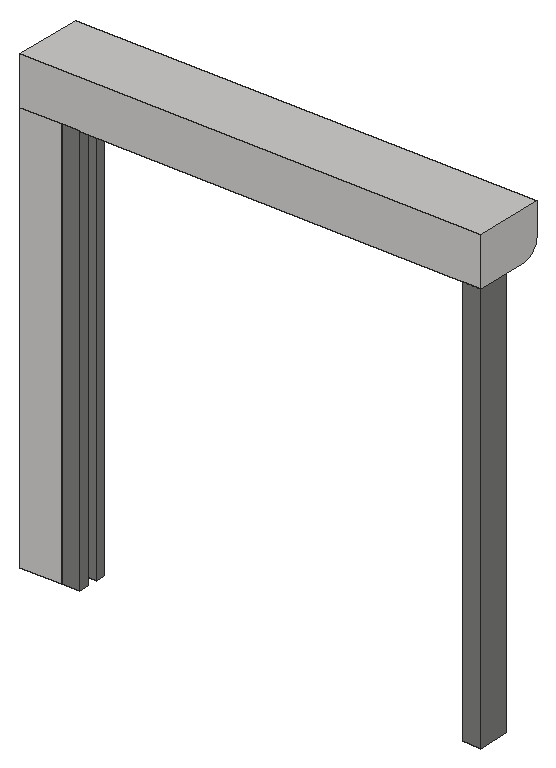
Revit family "AQ0031_Profil linteau réduit PRENIUM", category Portes, Revit 2024
Family settings
  Hôte = Mur
  Numéro OmniClass = 23.30.10.00
  Titre OmniClass = Doors
  Toujours verticalement = Oui
  Couper avec des vides une fois chargée = Non
  Partagée = Non
  Repère de localisation dans la pièce = Non
Parameters
  Profondeur_Montant_Industrie = 95 mm
  Position Ouvert [instance] = yes
  Position Fermée [instance] = not(Position Ouvert)  # no
  Ouverture Standard [instance] = yes
  Ouverture ContrePoids [instance] = not(Ouverture Standard)  # no
  Largeur_Montant_Industrie = 160 mm
  Hauteur_Volet = 251.5 mm
  Hauteur_Ouverture_Porte = 1300 mm
  Hauteur_Boite_Elec = 1000 mm
  Haut_Volet_Roulant = 301 mm
  Fonction = Intérieur
  Projection - Ext. de l'encadrement = 25 mm
  Projection Int. de l'encadrement = 25 mm
  Largeur du cadre = 75 mm
  Height [instance] = 2100.5 mm
  Fermeture du mur = Par hôte
  Width [instance] = 2000 mm
  Ebrasement = 20 mm
  Définir les propriétés thermiques par = Type schématique
  Dim_Boite_Elec_Largeur = 400 mm
  Dim_Boit_Elec_Longueur = 400 mm
  Decalage_Boite_Elec = 200 mm
  Construction analytique = "<Aucun>"
Reference planes
  plane 1: y = 0
  plane 2 "Centre (gauche/droite)": x = 0
  plane 3 "Gauche": x = -1000
  plane 4 "Droite": x = 1000
  plane 5: z = 2100.5
  plane 6 "Extérieur": y = 75
  plane 7 "Intérieur": y = -75
  plane 8: y = 235
  plane 9: x = -1095
  plane 10: y = 235
  plane 11: x = 1095
  plane 12: y = 155
  plane 13: y = 155
  plane 14: z = 2401.5
  plane 15: z = 2150
  plane 16: x = -1310
  plane 17: y = 155.5
Forms (mm)
  Extrusion 1, solid, material "Acier"
    sketch origin (0, 0, 0) x (1, 0, 0) y (0, 1, 0)
      loop
        line (1095, 235) -> (1000, 235) -> (1000, 185) -> (1078, 185) -> (1078, 125) -> (1000, 125) -> (1000, 75) -> (1095, 75) -> (1095, 235)
      loop
        line (-1000, 75) -> (-1000, 125) -> (-1078, 125) -> (-1078, 185) -> (-1000, 185) -> (-1000, 235) -> (-1095, 235) -> (-1095, 75) -> (-1000, 75)
    from 0 to 2150
  Extrusion 2, solid, material "Acier fin"
    sketch origin (0, 0, 0) x (0, 1, 0) y (0, 0, 1)
      loop
        line (330, 2150) -> (75, 2150) -> (75, 0) -> (235, 0) -> (235, 1872.5) -> (330, 2150)
    from -1310 to -1095
  Extrusion 3, solid, material "Bleu", visible <- "Position Fermée"
    sketch origin (0, 75, 0) x (1, 0, 0) y (0, 0, 1)
      loop
        line (1071.5, 2150) -> (-1071.5, 2150) -> (-1071.5, 0) -> (1071.5, 0) -> (1071.5, 2150)
      loop
        line (921.5, 1450) -> (75, 1450) -> (75, 1300) -> (921.5, 1300) -> (921.5, 1450)
      loop
        line (-75, 1450) -> (-921.5, 1450) -> (-921.5, 1300) -> (-75, 1300) -> (-75, 1450)
      loop
        line (921.5, 1750) -> (75, 1750) -> (75, 1600) -> (921.5, 1600) -> (921.5, 1750)
      loop
        line (-75, 1750) -> (-921.5, 1750) -> (-921.5, 1600) -> (-75, 1600) -> (-75, 1750)
    from -79.5 to -80.5
  Extrusion 4, solid, material "Noir", visible <- "Position Fermée"
    sketch origin (0, 0, 0) x (0, 1, 0) y (0, 0, 1)
      loop
        line (155.5, 0) -> (166, 0) -> (166, 232.5) -> (156.5, 251.17) -> (156.5, 270) -> (155.5, 270) -> (155.5, 0)
    from -1071.5 to 1071.5
  Extrusion 5, solid, material "Noir", visible <- "Position Fermée"
    sketch origin (0, 0, 250) x (0, 1, 0) y (0, 0, 1)
      loop
        line (155, 20) -> (156.5, 20) -> (156.5, 40) -> (166, 57.5) -> (166, 92.5) -> (156.5, 111.17) -> (156.5, 130) -> (155, 130) -> (155, 20)
    from -1071.5 to 1071.5
  Extrusion 6, solid, material "Noir", visible <- "Position Fermée"
    sketch origin (0, 0, 1090) x (0, 1, 0) y (0, 0, 1)
      loop
        line (155, 77) -> (156.5, 77) -> (156.5, 97) -> (166, 114.5) -> (166, 149.5) -> (156.5, 168.17) -> (156.5, 187) -> (155, 187) -> (155, 77)
    from -1071.5 to 1071.5
  Extrusion 7, solid, material "Noir", visible <- "Position Fermée"
    sketch origin (0, 0, 1389) x (0, 1, 0) y (0, 0, 1)
      loop
        line (155.5, 77) -> (156.5, 77) -> (156.5, 97) -> (166, 114.5) -> (166, 149.5) -> (156.5, 168.17) -> (156.5, 187) -> (155.5, 187) -> (155.5, 77)
    from -1071.5 to 1078
  Extrusion 8, solid, material "Noir", visible <- "Position Ouvert"
    sketch origin (0, 0, 2293) x (0, 1, 0) y (0, 0, 1)
      loop
        line (155.5, -192.5) -> (156.5, -192.5) -> (156.5, -172.5) -> (166, -155) -> (166, -120) -> (156.5, -101.33) -> (156.5, -82.5) -> (155.5, -82.5) -> (155.5, -192.5)
    from -1078 to 1078
  Extrusion 9, solid, material "Bleu", visible <- "Position Ouvert"
    sketch origin (0, 75, -2660) x (1, 0, 0) y (0, 0, 1)
      loop
        line (1071.5, 4810) -> (-1071.5, 4810) -> (-1071.5, 4760.5) -> (1071.5, 4760.5) -> (1071.5, 4810)
    from -79.5 to -80.5
  Extrusion 10, solid, material "Noir", visible <- "Position Fermée"
    sketch origin (0, 0, 550) x (0, 1, 0) y (0, 0, 1)
      loop
        line (155, 19) -> (156.5, 19) -> (156.5, 39) -> (166, 56.5) -> (166, 91.5) -> (156.5, 110.17) -> (156.5, 129) -> (155, 129) -> (155, 19)
    from -1078 to 1078
  Extrusion 11, solid, material "Noir", visible <- "Position Fermée"
    sketch origin (0, 0, 849) x (0, 1, 0) y (0, 0, 1)
      loop
        line (155, 19) -> (156.5, 19) -> (156.5, 39) -> (166, 56.5) -> (166, 91.5) -> (156.5, 110.17) -> (156.5, 129) -> (155, 129) -> (155, 19)
    from -1078 to 1078
  Extrusion 12, solid, material "Noir", visible <- "Position Fermée"
    sketch origin (0, 0, 1688) x (0, 1, 0) y (0, 0, 1)
      loop
        line (155.5, 77) -> (156.5, 77) -> (156.5, 97) -> (166, 114.5) -> (166, 149.5) -> (156.5, 168.17) -> (156.5, 187) -> (155.5, 187) -> (155.5, 77)
    from -1078 to 1078
  Extrusion 13, solid, material "Noir", visible <- "Position Fermée"
    sketch origin (0, 0, 1987) x (0, 1, 0) y (0, 0, 1)
      loop
        line (154.5, 77) -> (156.5, 77) -> (156.5, 97) -> (166, 114.5) -> (166, 149.5) -> (156.5, 168.17) -> (156.5, 187) -> (154.5, 187) -> (154.5, 77)
    from -1078 to 1078
  Extrusion 14, solid, material "Acier fin"
    sketch origin (0, 0, 0) x (0, 1, 0) y (0, 0, 1)
      loop
        line (75, 2150) -> (355, 2150)
        arc (355, 2150) -> (412.629, 2173.871) -> (436.5, 2231.5) r 81.5
        line (436.5, 2231.5) -> (436.5, 2401.5) -> (75, 2401.5) -> (75, 2150)
    from -1310 to 1095
  Extrusion 15, solid, material "Acier fin", visible <- "Ouverture ContrePoids"
    sketch origin (0, 0, 0) x (1, 0, 0) y (0, 1, 0)
      loop
        line (1095, 75) -> (1395, 75) -> (1395, 234.5) -> (1095, 234.5) -> (1095, 75)
    from 0 to 2150
Lines and regions (mm)
  Opening 1
    outline origin (-3050, -75, 0) x (1, 0, 0) y (0, 0, 1)
      loop
        line (2050, 0) -> (4050, 0) -> (4050, 2100.5) -> (2050, 2100.5) -> (2050, 0)
  symbolic lines, style "Sens d'ouverture de l'élévation"
    curve 1: line (1000, -75, 1050.25) -> (-1000, -75, 2100.5)
    curve 2: line (1000, -75, 1050.25) -> (-1000, -75, 0)
Text (mm)
  text "Extérieur" at (-2295.016, 1099.543, 0), in view "Niveau de réf."
  text "Extérieur" at (0, 1615.38, 3698.081), in view "Gauche"
  text "Extérieur" at (0, 1036.032, 3874.932), in view "Droite"
Dimensions and locks
  equal spacing: plane 3 "Gauche", plane 2 "Centre (gauche/droite)", plane 4 "Droite"
  "Width": plane 3 "Gauche" to plane 4 "Droite"
  "Height": plane 5 to host wall
  equal spacing: host wall, curve 2, plane 5
  host wall to plane 5 = 2100.5 mm
  locked: plane 6 "Extérieur" to host wall
  locked: plane 7 "Intérieur" to host wall
  "Profondeur_Montant_Industrie": plane 9 to plane 3 "Gauche"
  "Profondeur_Montant_Industrie": plane 4 "Droite" to plane 11
  "Largeur_Montant_Industrie": plane 6 "Extérieur" to plane 8
  "Largeur_Montant_Industrie": plane 6 "Extérieur" to plane 10
  equal spacing: plane 6 "Extérieur", plane 12, plane 10
  equal spacing: plane 8, plane 13, plane 6 "Extérieur"
  locked: plane 6 "Extérieur" to Extrusion 1 sketch curve at 50  (x2)
  locked: Extrusion 1 sketch curve to plane 10 at 50
  locked: Extrusion 1 sketch curve to plane 11 at 17
  locked: plane 8 to Extrusion 1 sketch curve at 50
  locked: plane 9 to Extrusion 1 sketch curve at 17
  "Haut_Volet_Roulant": plane 5 to plane 14
  "Hauteur_Volet": plane 15 to plane 14
  locked: plane 16 to plane 9 at 215
  locked: plane 4 "Droite" to Extrusion 3 sketch curve at 71.5
  locked: Extrusion 3 sketch curve to plane 3 "Gauche" at 71.5
  locked: Extrusion 3 sketch curve to Extrusion 3 sketch curve at 150  (x9)
  "Hauteur_Ouverture_Porte": Extrusion 3 sketch curve to Extrusion 3 sketch curve
  locked: plane 17 to plane 13 at 0.5
  locked: plane 17 to Extrusion 4 sketch curve at 10.5
  locked: Extrusion 4 sketch curve to Extrusion 4 sketch curve at 18.83
  locked: Extrusion 4 sketch curve to Extrusion 4 sketch curve at 37.5
  locked: plane 17 to Extrusion 4 sketch curve at 1
  locked: Extrusion 5 sketch curve to Extrusion 5 sketch curve at 110
  locked: Extrusion 5 sketch curve to Extrusion 5 sketch curve at 18.83
  locked: Extrusion 5 sketch curve to Extrusion 5 sketch curve at 20
  locked: Extrusion 5 sketch curve to Extrusion 5 sketch curve at 35
  locked: Extrusion 5 sketch curve to Extrusion 5 sketch curve at 37.5
  Extrusion 5 sketch curve to Extrusion 5 sketch curve = 37.5 mm
  locked: Extrusion 6 sketch curve to Extrusion 6 sketch curve at 110
  locked: Extrusion 6 sketch curve to Extrusion 6 sketch curve at 18.83
  locked: Extrusion 6 sketch curve to Extrusion 6 sketch curve at 20
  locked: Extrusion 6 sketch curve to Extrusion 6 sketch curve at 35
  locked: Extrusion 6 sketch curve to Extrusion 6 sketch curve at 37.5
  Extrusion 6 sketch curve to Extrusion 6 sketch curve = 37.5 mm
  locked: Extrusion 7 sketch curve to Extrusion 7 sketch curve at 110
  locked: Extrusion 7 sketch curve to Extrusion 7 sketch curve at 18.83
  locked: Extrusion 7 sketch curve to Extrusion 7 sketch curve at 20
  locked: Extrusion 7 sketch curve to Extrusion 7 sketch curve at 35
  locked: Extrusion 7 sketch curve to Extrusion 7 sketch curve at 37.5
  Extrusion 7 sketch curve to Extrusion 7 sketch curve = 37.5 mm
  locked: Extrusion 6 to Extrusion 7 at 189
  Extrusion 5 to Extrusion 6 = 787 mm
  Extrusion 4 to Extrusion 5 = 0 mm
  locked: Extrusion 8 sketch curve to Extrusion 8 sketch curve at 110
  locked: Extrusion 8 sketch curve to Extrusion 8 sketch curve at 18.83
  locked: Extrusion 8 sketch curve to Extrusion 8 sketch curve at 20
  locked: Extrusion 8 sketch curve to Extrusion 8 sketch curve at 35
  locked: Extrusion 8 sketch curve to Extrusion 8 sketch curve at 37.5
  Extrusion 8 sketch curve to Extrusion 8 sketch curve = 37.5 mm
  locked: Extrusion 9 sketch curve to plane 9 at 23.5
  locked: plane 11 to Extrusion 9 sketch curve at 23.5
  locked: Extrusion 4 sketch curve to level at 270
  plane 4 "Droite" to Extrusion 1 = 95 mm
  locked: Extrusion 10 sketch curve to Extrusion 10 sketch curve at 110
  locked: Extrusion 10 sketch curve to Extrusion 10 sketch curve at 18.83
  locked: Extrusion 10 sketch curve to Extrusion 10 sketch curve at 20
  locked: Extrusion 10 sketch curve to Extrusion 10 sketch curve at 35
  locked: Extrusion 10 sketch curve to Extrusion 10 sketch curve at 37.5
  Extrusion 10 sketch curve to Extrusion 10 sketch curve = 37.5 mm
  locked: Extrusion 10 sketch curve to Extrusion 5 at 189
  locked: Extrusion 11 sketch curve to Extrusion 11 sketch curve at 110
  locked: Extrusion 11 sketch curve to Extrusion 11 sketch curve at 18.83
  locked: Extrusion 11 sketch curve to Extrusion 11 sketch curve at 20
  locked: Extrusion 11 sketch curve to Extrusion 11 sketch curve at 35
  locked: Extrusion 11 sketch curve to Extrusion 11 sketch curve at 37.5
  Extrusion 11 sketch curve to Extrusion 11 sketch curve = 37.5 mm
  locked: Extrusion 11 sketch curve to Extrusion 10 at 189
  locked: Extrusion 6 sketch curve to Extrusion 11 at 189
  locked: Extrusion 12 sketch curve to Extrusion 12 sketch curve at 110
  locked: Extrusion 12 sketch curve to Extrusion 12 sketch curve at 18.83
  locked: Extrusion 12 sketch curve to Extrusion 12 sketch curve at 20
  locked: Extrusion 12 sketch curve to Extrusion 12 sketch curve at 35
  locked: Extrusion 12 sketch curve to Extrusion 12 sketch curve at 37.5
  Extrusion 12 sketch curve to Extrusion 12 sketch curve = 37.5 mm
  locked: Extrusion 13 sketch curve to Extrusion 13 sketch curve at 110
  locked: Extrusion 13 sketch curve to Extrusion 13 sketch curve at 18.83
  locked: Extrusion 13 sketch curve to Extrusion 13 sketch curve at 20
  locked: Extrusion 13 sketch curve to Extrusion 13 sketch curve at 35
  locked: Extrusion 13 sketch curve to Extrusion 13 sketch curve at 37.5
  Extrusion 13 sketch curve to Extrusion 13 sketch curve = 37.5 mm
  locked: Extrusion 7 to Extrusion 12 at 189
  locked: Extrusion 12 to Extrusion 13 at 189
  level to plane 14 = 2401.5 mm
  locked: host wall to Extrusion 14 sketch curve at 361.5
  locked: Extrusion 1 to Extrusion 2 sketch curve at 255
  locked: plane 11 to Extrusion 15 sketch curve at 300
  locked: plane 6 "Extérieur" to Extrusion 15 sketch curve at 159.5
  aligned and locked: plane 3 "Gauche" to Opening 1 sketch curve
  aligned and locked: plane 5 to Opening 1 sketch curve  (x2)
  aligned and locked: Opening 1 sketch curve to plane 4 "Droite"
  aligned and locked: Opening 1 sketch curve to level
  aligned and locked: plane 5 to curve 1
  aligned and locked: plane 3 "Gauche" to curve 2
  aligned and locked: plane 1 to host wall
  aligned and locked: plane 3 "Gauche" to curve 1
  aligned and locked: Extrusion 1 sketch curve to plane 10
  aligned and locked: Extrusion 1 sketch curve to plane 6 "Extérieur"  (x2)
  aligned and locked: Extrusion 1 sketch curve to plane 4 "Droite"  (x2)
  aligned and locked: Extrusion 1 sketch curve to plane 11
  aligned and locked: Extrusion 1 sketch curve to plane 9
  aligned and locked: Extrusion 1 sketch curve to plane 8
  aligned and locked: Extrusion 1 sketch curve to plane 3 "Gauche"
  aligned and locked: Extrusion 1 to plane 15
  aligned and locked: plane 15 to Extrusion 2 sketch curve
  aligned and locked: host wall to Extrusion 2 sketch curve
  aligned and locked: Extrusion 2 to plane 16
  aligned and locked: plane 9 to Extrusion 2
  aligned and locked: Extrusion 3 sketch curve to level
  aligned and locked: Extrusion 3 sketch curve to plane 15
  aligned and locked: Extrusion 3 sketch curve to Extrusion 3 sketch curve  (x5)
  aligned and locked: plane 17 to Extrusion 3
  aligned and locked: Extrusion 4 sketch curve to plane 17
  aligned and locked: Extrusion 4 to Extrusion 3
  aligned and locked: Extrusion 3 to Extrusion 4
  aligned and locked: Extrusion 5 sketch curve to Extrusion 5 sketch curve
  aligned and locked: Extrusion 3 to Extrusion 5
  aligned and locked: Extrusion 5 to Extrusion 3
  aligned and locked: Extrusion 6 sketch curve to Extrusion 6 sketch curve
  aligned and locked: Extrusion 6 to Extrusion 3
  aligned and locked: Extrusion 3 to Extrusion 6
  aligned and locked: plane 13 to Extrusion 6
  aligned and locked: plane 13 to Extrusion 5
  aligned and locked: Extrusion 7 sketch curve to Extrusion 7 sketch curve
  aligned and locked: Extrusion 7 to Extrusion 1
  aligned and locked: Extrusion 3 to Extrusion 7
  aligned and locked: Extrusion 7 to Extrusion 3
  aligned and locked: Extrusion 4 sketch curve to level
  aligned and locked: Extrusion 8 sketch curve to Extrusion 8 sketch curve
  aligned and locked: Extrusion 8 to Extrusion 1  (x2)
  aligned and locked: Extrusion 8 to Extrusion 3
  aligned and locked: Extrusion 9 sketch curve to plane 15
  aligned and locked: Extrusion 9 sketch curve to plane 5
  aligned and locked: Extrusion 2 sketch curve to level
  aligned and locked: Extrusion 2 sketch curve to Extrusion 1
  aligned and locked: Extrusion 5 sketch curve to Extrusion 4
  aligned and locked: Extrusion 10 sketch curve to Extrusion 10 sketch curve
  aligned and locked: Extrusion 10 to Extrusion 1  (x2)
  aligned and locked: Extrusion 10 to Extrusion 5
  aligned and locked: Extrusion 11 sketch curve to Extrusion 11 sketch curve
  aligned and locked: Extrusion 11 to Extrusion 1  (x2)
  aligned and locked: Extrusion 6 to Extrusion 11
  aligned and locked: Extrusion 12 sketch curve to Extrusion 12 sketch curve
  aligned and locked: Extrusion 13 sketch curve to Extrusion 13 sketch curve
  aligned and locked: Extrusion 12 to Extrusion 1  (x2)
  aligned and locked: Extrusion 13 to Extrusion 1  (x2)
  aligned and locked: Extrusion 13 to Extrusion 9
  aligned and locked: Extrusion 12 to Extrusion 3
  aligned and locked: Extrusion 14 sketch curve to host wall
  aligned and locked: Extrusion 14 sketch curve to plane 15
  aligned and locked: plane 11 to Extrusion 14
  aligned and locked: plane 16 to Extrusion 14
  aligned and locked: Extrusion 1 to Extrusion 15 sketch curve
  aligned and locked: Extrusion 15 sketch curve to Extrusion 1
  aligned and locked: Extrusion 1 to Extrusion 15
  aligned and locked: plane 14 to Extrusion 14 sketch curve
Automatic sketch dimensions
  curve 2 to level = 0 mm
  plane 4 "Droite" to curve 2 = 0 mm
  Extrusion 1 sketch curve to plane 3 "Gauche" = 0 mm
  Extrusion 5 sketch curve to plane 12 = 0 mm
  plane 17 to Extrusion 5 sketch curve = 1 mm
  plane 17 to Extrusion 5 sketch curve = 10.5 mm
  Extrusion 6 sketch curve to plane 12 = 0 mm
  plane 17 to Extrusion 6 sketch curve = 1 mm
  plane 17 to Extrusion 6 sketch curve = 10.5 mm
  Extrusion 7 sketch curve to plane 17 = 0 mm
  Extrusion 7 sketch curve to Extrusion 7 sketch curve = 1 mm
  plane 17 to Extrusion 7 sketch curve = 10.5 mm
  plane 5 to Extrusion 7 sketch curve = 634.5 mm
  plane 5 to Extrusion 8 sketch curve = 0 mm
  Extrusion 8 sketch curve to plane 17 = 0 mm
  plane 17 to Extrusion 8 sketch curve = 1 mm
  plane 17 to Extrusion 8 sketch curve = 10.5 mm
  Extrusion 10 sketch curve to plane 12 = 0 mm
  plane 17 to Extrusion 10 sketch curve = 1 mm
  plane 17 to Extrusion 10 sketch curve = 10.5 mm
  Extrusion 11 sketch curve to plane 12 = 0 mm
  plane 17 to Extrusion 11 sketch curve = 1 mm
  plane 17 to Extrusion 11 sketch curve = 10.5 mm
  Extrusion 12 sketch curve to plane 17 = 0 mm
  Extrusion 12 sketch curve to Extrusion 12 sketch curve = 1 mm
  plane 17 to Extrusion 12 sketch curve = 10.5 mm
  plane 5 to Extrusion 12 sketch curve = 335.5 mm
  Extrusion 13 sketch curve to plane 12 = 0.5 mm
  plane 17 to Extrusion 13 sketch curve = 1 mm
  plane 17 to Extrusion 13 sketch curve = 10.5 mm
  plane 5 to Extrusion 13 sketch curve = 36.5 mm
  Extrusion 14 sketch curve to Extrusion 14 sketch curve = 81.5 mm
  plane 5 to Extrusion 2 sketch curve = 228 mm
  Extrusion 3 sketch curve to plane 2 "Centre (gauche/droite)" = 75 mm
